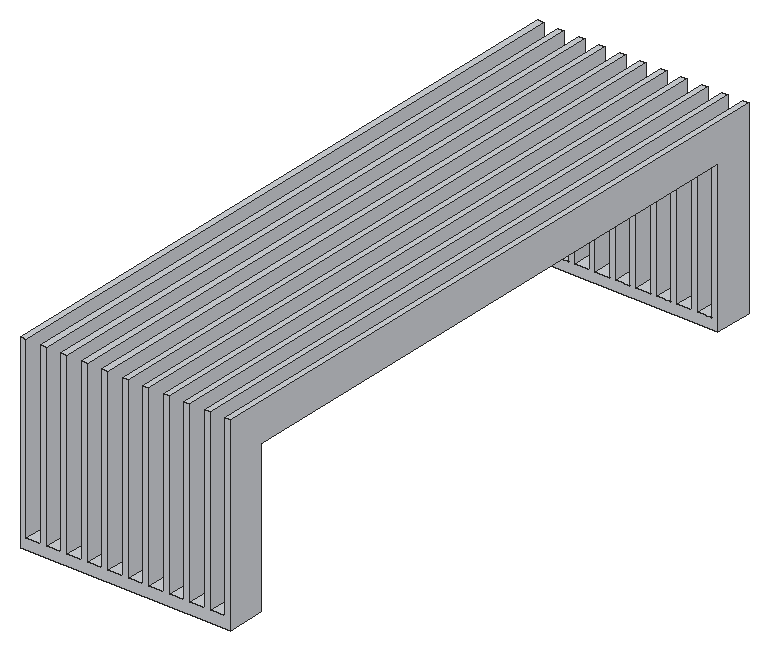
Revit family "LL11_R2016", category Generic Models, Revit 2016
Family settings
  Part Type = Normal
  Can host rebar = No
  Round Connector Dimension = Use Diameter
  OmniClass Number = 23.45.00.00
  OmniClass Title = Sanitary, Laundry, and Cleaning Equipment
  Work Plane-Based = No
  Always vertical = Yes
  Cut with Voids When Loaded = No
  Shared = No
  Room Calculation Point = No
Parameters
  Tube Length [instance] = 990 mm
  Length [instance] = 1200 mm
  Height = 350 mm
Reference planes
  plane 1: z = 0
  plane 2: z = 350
  plane 3: y = -26.341
  plane 4: y = -626.341
  plane 5: y = 573.659
Forms (mm)
  Extrusion 1, solid, not visible
    sketch origin (0, 0, 0) x (1, 0, 0) y (0, 1, 0)
      loop
        line (-495, -20) -> (-495, -31) -> (495, -31) -> (495, -20) -> (-495, -20)
    from 300 to 370
  Extrusion 2, solid, not visible
    sketch origin (0, 0, 0) x (1, 0, 0) y (0, 1, 0)
      loop
        line (-495, -20) -> (-495, -31) -> (495, -31) -> (495, -20) -> (-495, -20)
    from 300 to 370
  Extrusion 3, solid, not visible
    sketch origin (0, -24, 0) x (1, 0, 0) y (0, 1, 0)
      loop
        line (-495, -20) -> (-495, -31) -> (495, -31) -> (495, -20) -> (-495, -20)
    from 300 to 370
  Extrusion 4, solid, not visible
    sketch origin (0, -48, 0) x (1, 0, 0) y (0, 1, 0)
      loop
        line (-495, -20) -> (-495, -31) -> (495, -31) -> (495, -20) -> (-495, -20)
    from 300 to 370
  Extrusion 5, solid, not visible
    sketch origin (0, -72, 0) x (1, 0, 0) y (0, 1, 0)
      loop
        line (-495, -20) -> (-495, -31) -> (495, -31) -> (495, -20) -> (-495, -20)
    from 300 to 370
  Extrusion 6, solid, not visible
    sketch origin (0, -96, 0) x (1, 0, 0) y (0, 1, 0)
      loop
        line (-495, -20) -> (-495, -31) -> (495, -31) -> (495, -20) -> (-495, -20)
    from 300 to 370
  Extrusion 7, solid, not visible
    sketch origin (0, -120, 0) x (1, 0, 0) y (0, 1, 0)
      loop
        line (-495, -20) -> (-495, -31) -> (495, -31) -> (495, -20) -> (-495, -20)
    from 300 to 370
  Extrusion 8, solid, not visible
    sketch origin (0, -144, 0) x (1, 0, 0) y (0, 1, 0)
      loop
        line (-495, -20) -> (-495, -31) -> (495, -31) -> (495, -20) -> (-495, -20)
    from 300 to 370
  Extrusion 9, solid, not visible
    sketch origin (0, -168, 0) x (1, 0, 0) y (0, 1, 0)
      loop
        line (-495, -20) -> (-495, -31) -> (495, -31) -> (495, -20) -> (-495, -20)
    from 300 to 370
  Extrusion 10, solid, not visible
    sketch origin (0, -192, 0) x (1, 0, 0) y (0, 1, 0)
      loop
        line (-495, -20) -> (-495, -31) -> (495, -31) -> (495, -20) -> (-495, -20)
    from 300 to 370
  Extrusion 11, solid, not visible
    sketch origin (0, -216, 0) x (1, 0, 0) y (0, 1, 0)
      loop
        line (-495, -20) -> (-495, -31) -> (495, -31) -> (495, -20) -> (-495, -20)
    from 300 to 370
  Extrusion 12, solid, not visible
    sketch origin (0, -240, 0) x (1, 0, 0) y (0, 1, 0)
      loop
        line (-495, -20) -> (-495, -31) -> (495, -31) -> (495, -20) -> (-495, -20)
    from 300 to 370
  Extrusion 13, solid, not visible
    sketch origin (0, -264, 0) x (1, 0, 0) y (0, 1, 0)
      loop
        line (-495, -20) -> (-495, -31) -> (495, -31) -> (495, -20) -> (-495, -20)
    from 300 to 370
  Extrusion 14, solid, not visible
    sketch origin (0, -288, 0) x (1, 0, 0) y (0, 1, 0)
      loop
        line (-495, -20) -> (-495, -31) -> (495, -31) -> (495, -20) -> (-495, -20)
    from 300 to 370
  Extrusion 15, solid, not visible
    sketch origin (0, -312, 0) x (1, 0, 0) y (0, 1, 0)
      loop
        line (-495, -20) -> (-495, -31) -> (495, -31) -> (495, -20) -> (-495, -20)
    from 300 to 370
  Extrusion 16, solid
    sketch origin (0, 0, 0) x (0, 1, 0) y (0, 0, 1)
      loop
        line (573.659, 0) -> (573.659, 350) -> (-626.341, 350) -> (-626.341, 0) -> (-556.341, 0) -> (-556.341, 280) -> (503.659, 280) -> (503.659, 0) -> (573.659, 0)
    from 0 to 11
  Extrusion 17, solid
    sketch origin (38, 0, 0) x (0, 1, 0) y (0, 0, 1)
      loop
        line (573.659, 0) -> (573.659, 350) -> (-626.341, 350) -> (-626.341, 0) -> (-556.341, 0) -> (-556.341, 280) -> (503.659, 280) -> (503.659, 0) -> (573.659, 0)
    from 0 to 11
  Extrusion 18, solid
    sketch origin (76, 0, 0) x (0, 1, 0) y (0, 0, 1)
      loop
        line (573.659, 0) -> (573.659, 350) -> (-626.341, 350) -> (-626.341, 0) -> (-556.341, 0) -> (-556.341, 280) -> (503.659, 280) -> (503.659, 0) -> (573.659, 0)
    from 0 to 11
  Extrusion 19, solid
    sketch origin (114, 0, 0) x (0, 1, 0) y (0, 0, 1)
      loop
        line (573.659, 0) -> (573.659, 350) -> (-626.341, 350) -> (-626.341, 0) -> (-556.341, 0) -> (-556.341, 280) -> (503.659, 280) -> (503.659, 0) -> (573.659, 0)
    from 0 to 11
  Extrusion 20, solid
    sketch origin (152, 0, 0) x (0, 1, 0) y (0, 0, 1)
      loop
        line (573.659, 0) -> (573.659, 350) -> (-626.341, 350) -> (-626.341, 0) -> (-556.341, 0) -> (-556.341, 280) -> (503.659, 280) -> (503.659, 0) -> (573.659, 0)
    from 0 to 11
  Extrusion 21, solid
    sketch origin (190, 0, 0) x (0, 1, 0) y (0, 0, 1)
      loop
        line (573.659, 0) -> (573.659, 350) -> (-626.341, 350) -> (-626.341, 0) -> (-556.341, 0) -> (-556.341, 280) -> (503.659, 280) -> (503.659, 0) -> (573.659, 0)
    from 0 to 11
  Extrusion 22, solid
    sketch origin (228, 0, 0) x (0, 1, 0) y (0, 0, 1)
      loop
        line (573.659, 0) -> (573.659, 350) -> (-626.341, 350) -> (-626.341, 0) -> (-556.341, 0) -> (-556.341, 280) -> (503.659, 280) -> (503.659, 0) -> (573.659, 0)
    from 0 to 11
  Extrusion 23, solid
    sketch origin (0, 0, 0) x (1, 0, 0) y (0, 1, 0)
      loop
        line (0, -626.341) -> (391, -626.341) -> (391, -556.341) -> (0, -556.341) -> (0, -626.341)
      loop
        line (0, 503.659) -> (391, 503.659) -> (391, 573.659) -> (0, 573.659) -> (0, 503.659)
    from 0 to 20
  Extrusion 24, solid
    sketch origin (266, 0, 0) x (0, 1, 0) y (0, 0, 1)
      loop
        line (573.659, 0) -> (573.659, 350) -> (-626.341, 350) -> (-626.341, 0) -> (-556.341, 0) -> (-556.341, 280) -> (503.659, 280) -> (503.659, 0) -> (573.659, 0)
    from 0 to 11
  Extrusion 25, solid
    sketch origin (304, 0, 0) x (0, 1, 0) y (0, 0, 1)
      loop
        line (573.659, 0) -> (573.659, 350) -> (-626.341, 350) -> (-626.341, 0) -> (-556.341, 0) -> (-556.341, 280) -> (503.659, 280) -> (503.659, 0) -> (573.659, 0)
    from 0 to 11
  Extrusion 26, solid
    sketch origin (342, 0, 0) x (0, 1, 0) y (0, 0, 1)
      loop
        line (573.659, 0) -> (573.659, 350) -> (-626.341, 350) -> (-626.341, 0) -> (-556.341, 0) -> (-556.341, 280) -> (503.659, 280) -> (503.659, 0) -> (573.659, 0)
    from 0 to 11
  Extrusion 27, solid
    sketch origin (380, 0, 0) x (0, 1, 0) y (0, 0, 1)
      loop
        line (573.659, 0) -> (573.659, 350) -> (-626.341, 350) -> (-626.341, 0) -> (-556.341, 0) -> (-556.341, 280) -> (503.659, 280) -> (503.659, 0) -> (573.659, 0)
    from 0 to 11
Cuts and joins
  joined: Extrusion 16, Extrusion 17, Extrusion 18, Extrusion 19, Extrusion 20, Extrusion 21, Extrusion 22, Extrusion 23, Extrusion 24, Extrusion 25, Extrusion 26, Extrusion 27
Lines and regions (mm)
  reference lines
    curve 1: line (0, 665.378, 280) -> (0, -754.622, 280)
    curve 2: line (0, 503.659, 411.424) -> (0, 503.659, -138.576)
    curve 3: line (0, -556.341, 388.061) -> (0, -556.341, -81.939)
Dimensions and locks
  locked: Extrusion 1 sketch curve to Extrusion 1 sketch curve at 11
  locked: Extrusion 2 sketch curve to Extrusion 2 sketch curve at 11
  locked: Extrusion 3 sketch curve to Extrusion 3 sketch curve at 11
  equal spacing: group 2, group 3, group 4, group 5, group 6, group 7, group 8, group 9, group 10, group 11, group 12, group 13, group 14, group 15  (x2)
  equal spacing: group 15, group 14, group 13, group 12, group 11, group 10, group 9, group 8, group 7, group 6, group 5, group 4, group 3, group 2
  locked: Extrusion 4 sketch curve to Extrusion 4 sketch curve at 11
  locked: Extrusion 5 sketch curve to Extrusion 5 sketch curve at 11
  locked: Extrusion 6 sketch curve to Extrusion 6 sketch curve at 11
  locked: Extrusion 7 sketch curve to Extrusion 7 sketch curve at 11
  locked: Extrusion 8 sketch curve to Extrusion 8 sketch curve at 11
  locked: Extrusion 9 sketch curve to Extrusion 9 sketch curve at 11
  locked: Extrusion 10 sketch curve to Extrusion 10 sketch curve at 11
  locked: Extrusion 11 sketch curve to Extrusion 11 sketch curve at 11
  locked: Extrusion 12 sketch curve to Extrusion 12 sketch curve at 11
  locked: Extrusion 13 sketch curve to Extrusion 13 sketch curve at 11
  locked: Extrusion 14 sketch curve to Extrusion 14 sketch curve at 11
  locked: Extrusion 15 sketch curve to Extrusion 15 sketch curve at 11
  "Height": plane 2 to level
  equal spacing: plane 5, plane 3, plane 4
  "Length": plane 5 to plane 4
  locked: plane 2 to curve 1 at 70
  locked: curve 3 to plane 4 at 70
  locked: plane 5 to curve 2 at 70
  aligned and locked: level to plane 1
  aligned and locked: Extrusion 16 sketch curve to plane 2
  aligned and locked: Extrusion 16 sketch curve to plane 4
  aligned and locked: level to Extrusion 16 sketch curve  (x2)
  aligned and locked: Extrusion 16 sketch curve to curve 3
  aligned and locked: Extrusion 16 sketch curve to curve 1
  aligned and locked: curve 2 to Extrusion 16 sketch curve
  aligned and locked: Extrusion 16 sketch curve to plane 5
  aligned and locked: Extrusion 23 sketch curve to Extrusion 16  (x6)
  aligned and locked: Extrusion 23 sketch curve to Extrusion 27
  aligned and locked: Extrusion 27 to Extrusion 23 sketch curve
Automatic sketch dimensions
  Extrusion 1 sketch curve to Extrusion 1 sketch curve = 990 mm
  Extrusion 2 sketch curve to Extrusion 2 sketch curve = 990 mm
  Extrusion 3 sketch curve to Extrusion 3 sketch curve = 990 mm
  Extrusion 4 sketch curve to Extrusion 4 sketch curve = 990 mm
  Extrusion 5 sketch curve to Extrusion 5 sketch curve = 990 mm
  Extrusion 6 sketch curve to Extrusion 6 sketch curve = 990 mm
  Extrusion 7 sketch curve to Extrusion 7 sketch curve = 990 mm
  Extrusion 8 sketch curve to Extrusion 8 sketch curve = 990 mm
  Extrusion 9 sketch curve to Extrusion 9 sketch curve = 990 mm
  Extrusion 10 sketch curve to Extrusion 10 sketch curve = 990 mm
  Extrusion 11 sketch curve to Extrusion 11 sketch curve = 990 mm
  Extrusion 12 sketch curve to Extrusion 12 sketch curve = 990 mm
  Extrusion 13 sketch curve to Extrusion 13 sketch curve = 990 mm
  Extrusion 14 sketch curve to Extrusion 14 sketch curve = 990 mm
  Extrusion 15 sketch curve to Extrusion 15 sketch curve = 990 mm
  plane 4 to curve 1 = 128.281 mm
  curve 1 to plane 5 = 91.719 mm
  curve 3 to level = 81.939 mm
  curve 2 to level = 138.576 mm
  plane 2 to curve 3 = 38.061 mm
  plane 2 to curve 2 = 61.424 mm
  Extrusion 17 sketch curve to level = 0 mm  (x2)
  Extrusion 17 sketch curve to plane 4 = 0 mm
  Extrusion 17 sketch curve to plane 2 = 0 mm
  Extrusion 17 sketch curve to plane 5 = 0 mm
  Extrusion 17 sketch curve to plane 4 = 70 mm
  Extrusion 17 sketch curve to Extrusion 17 sketch curve = 70 mm
  Extrusion 17 sketch curve to plane 2 = 70 mm
  Extrusion 18 sketch curve to level = 0 mm  (x2)
  Extrusion 18 sketch curve to plane 4 = 0 mm
  Extrusion 18 sketch curve to plane 2 = 0 mm
  Extrusion 18 sketch curve to plane 5 = 0 mm
  Extrusion 18 sketch curve to plane 4 = 70 mm
  Extrusion 18 sketch curve to Extrusion 18 sketch curve = 70 mm
  Extrusion 18 sketch curve to plane 2 = 70 mm
  Extrusion 19 sketch curve to level = 0 mm  (x2)
  Extrusion 19 sketch curve to plane 4 = 0 mm
  Extrusion 19 sketch curve to plane 2 = 0 mm
  Extrusion 19 sketch curve to plane 5 = 0 mm
  Extrusion 19 sketch curve to plane 4 = 70 mm
  Extrusion 19 sketch curve to Extrusion 19 sketch curve = 70 mm
  Extrusion 19 sketch curve to plane 2 = 70 mm
  Extrusion 20 sketch curve to level = 0 mm  (x2)
  Extrusion 20 sketch curve to plane 4 = 0 mm
  Extrusion 20 sketch curve to plane 2 = 0 mm
  Extrusion 20 sketch curve to plane 5 = 0 mm
  Extrusion 20 sketch curve to plane 4 = 70 mm
  Extrusion 20 sketch curve to Extrusion 20 sketch curve = 70 mm
  Extrusion 20 sketch curve to plane 2 = 70 mm
  Extrusion 21 sketch curve to level = 0 mm  (x2)
  Extrusion 21 sketch curve to plane 4 = 0 mm
  Extrusion 21 sketch curve to plane 2 = 0 mm
  Extrusion 21 sketch curve to plane 5 = 0 mm
  Extrusion 21 sketch curve to plane 4 = 70 mm
  Extrusion 21 sketch curve to Extrusion 21 sketch curve = 70 mm
  Extrusion 21 sketch curve to plane 2 = 70 mm
  Extrusion 22 sketch curve to level = 0 mm  (x2)
  Extrusion 22 sketch curve to plane 4 = 0 mm
  Extrusion 22 sketch curve to plane 2 = 0 mm
  Extrusion 22 sketch curve to plane 5 = 0 mm
  Extrusion 22 sketch curve to plane 4 = 70 mm
  Extrusion 22 sketch curve to Extrusion 22 sketch curve = 70 mm
  Extrusion 22 sketch curve to plane 2 = 70 mm
  Extrusion 24 sketch curve to level = 0 mm  (x2)
  Extrusion 24 sketch curve to plane 4 = 0 mm
  Extrusion 24 sketch curve to plane 2 = 0 mm
  Extrusion 24 sketch curve to plane 5 = 0 mm
  Extrusion 24 sketch curve to plane 4 = 70 mm
  Extrusion 24 sketch curve to Extrusion 24 sketch curve = 70 mm
  Extrusion 24 sketch curve to plane 2 = 70 mm
  Extrusion 25 sketch curve to level = 0 mm  (x2)
  Extrusion 25 sketch curve to plane 4 = 0 mm
  Extrusion 25 sketch curve to plane 2 = 0 mm
  Extrusion 25 sketch curve to plane 5 = 0 mm
  Extrusion 25 sketch curve to plane 4 = 70 mm
  Extrusion 25 sketch curve to Extrusion 25 sketch curve = 70 mm
  Extrusion 25 sketch curve to plane 2 = 70 mm
  Extrusion 26 sketch curve to level = 0 mm  (x2)
  Extrusion 26 sketch curve to plane 4 = 0 mm
  Extrusion 26 sketch curve to plane 2 = 0 mm
  Extrusion 26 sketch curve to plane 5 = 0 mm
  Extrusion 26 sketch curve to plane 4 = 70 mm
  Extrusion 26 sketch curve to Extrusion 26 sketch curve = 70 mm
  Extrusion 26 sketch curve to plane 2 = 70 mm
  Extrusion 27 sketch curve to level = 0 mm  (x2)
  Extrusion 27 sketch curve to plane 4 = 0 mm
  Extrusion 27 sketch curve to plane 2 = 0 mm
  Extrusion 27 sketch curve to plane 5 = 0 mm
  Extrusion 27 sketch curve to plane 4 = 70 mm
  Extrusion 27 sketch curve to Extrusion 27 sketch curve = 70 mm
  Extrusion 27 sketch curve to plane 2 = 70 mm
